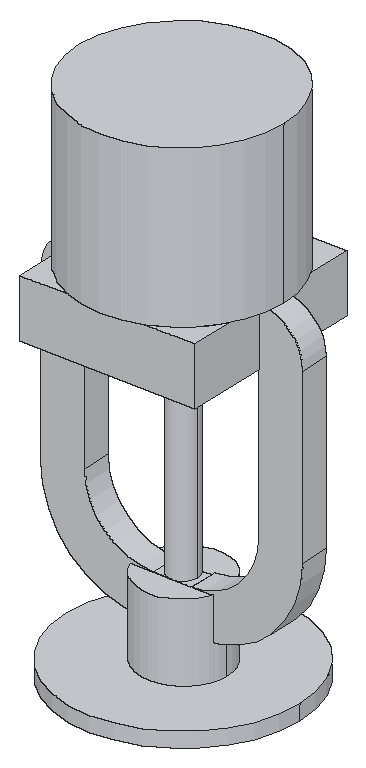
Revit family
Parameters (values of type "RASCO F1FR56-300 PENDENT")
  Temperature Rating = 200 °F
  Response = 1
  RASCO SIN # = "RA2614"
  RASCO Part # = "F1FR56P2W3"
  Pressure Rating = "300 PSI"
  Pressure Class = 1
  Orifice Size = 1/2"
  Orifice = (empty or 0)
  Model = "F1FR56-300"
  Manufacturer = "RASCO"
  K-Factor = 5.6
  Description = "White Finish"
  Coverage = (empty or 0)
Reference planes (in)
  plane 1 "Center (Front/Back)": y = 0
  plane 2: z = 0
  plane 3 "Center (Left/Right)": x = 0
Dimensions and locks (in)
  aligned and locked: plane 2 to level
Nested families (in)
  nested 1: "F1FR56P2W3" at (-0.0113, 0, 2.4375) x (-1, 0, 0) z (0, 0, -1), type "RASCO F1FR56-300 PENDENT"
Connectors (in)
  piping at (-0.0113, 0, 2.4375)
    settings: on nested 1, index 1, connector radius 115/256", flow factor 0, pipe flow 0 GPM, pressure drop 0.00 psi, fitting loss kfactor 0, connector angle 0.00°, fixture units 0, flow configuration 0, flow direction 0, fitting loss method 0, system type 7, connector reference index -1, connector utility 0, adjustable connector no, is connector primary yes, fitting loss table "", connector description ""
Definition of nested family "F1FR56P2W3"
  Parameters (values of type "RASCO F1FR56-300 PENDENT")
    Type Comments = ""
    Temperature Rating = 0 °F
    Response = (empty or 0)
    Pressure Rating = "0"
    Pressure Class = (empty or 0)
    Orifice Size = 0"
    Orifice = (empty or 0)
    Model = ""
    Manufacturer = ""
    K-Factor = 0
    Description = ""
    Coverage = (empty or 0)
    Assembly Code = ""
  Reference planes (in)
    plane 1 "Center (Front/Back)": y = 0
    plane 2: z = 0
    plane 3 "ref.2": z = 0.6875
    plane 4 "ref.3": z = 0.9375
    plane 5: x = -0.38065
    plane 6: x = 0.36935
    plane 7 "ref. side 1": y = 0.06402
    plane 8 "ref. side 2": y = -0.06098
    plane 9 "ref.4": z = 1.875
    plane 10 "ref.5": z = 2.3125
    plane 11 "ref.6": z = 2.4375
  Forms (in)
    Extrusion 1, solid
      sketch origin (0, 0, 0) x (1, 0, 0) y (0, 1, 0)
        loop
          circle (0, 0) r 0.4379
      from 0 to 0.6875
    Extrusion 2, solid
      sketch origin (-0.12185, 0.05177, 0.6875) x (1, 0, 0) y (0, 1, 0)
        loop
          line (-0.2588, 0.356) -> (-0.2588, -0.4565) -> (0.4912, -0.4565) -> (0.4912, 0.356) -> (-0.2588, 0.356)
      from 0 to 0.25
    Extrusion 3, solid
      sketch origin (0, 0, 0) x (1, 0, 0) y (0, 0, 1)
        loop
          line (-0.38065, 0.68754) -> (-0.38065, 1.58397)
          arc (-0.38065, 1.58397) -> (-0.29541, 1.78976) -> (-0.08962, 1.875) r 0.29103
          line (-0.08962, 1.875) -> (0.07524, 1.875)
          arc (0.07524, 1.875) -> (0.28321, 1.78886) -> (0.36935, 1.58089) r 0.29411
          line (0.36935, 1.58089) -> (0.36935, 0.68751)
          arc (0.36935, 0.68751) -> (0.50207, 0.74393) -> (0.55685, 0.87734) r 0.18984
          line (0.55685, 0.87734) -> (0.55685, 1.61676)
          arc (0.55685, 1.61676) -> (0.42629, 1.93194) -> (0.11111, 2.0625) r 0.44574
          line (0.11111, 2.0625) -> (-0.12259, 2.0625)
          arc (-0.12259, 2.0625) -> (-0.43765, 1.932) -> (-0.56815, 1.61694) r 0.44556
          line (-0.56815, 1.61694) -> (-0.56815, 0.87876)
          arc (-0.56815, 0.87876) -> (-0.51345, 0.74486) -> (-0.38065, 0.68754) r 0.19126
      from -0.06402 to 0.06098
    Extrusion 4, solid
      sketch origin (0, 0, 0.9375) x (-1, 0, 0) y (0, -1, 0)
        loop
          circle (0.00574, -0.00152) r 0.0625
      from 0 to 0.9375
    Extrusion 5, solid
      sketch origin (0, 0, 1.875) x (-1, 0, 0) y (0, -1, 0)
        loop
          circle (0.00574, -0.00152) r 0.1875
      from 0 to 0.4375
    Extrusion 6, solid
      sketch origin (0, 0, 2.3125) x (0, -1, 0) y (1, 0, 0)
        loop
          circle (-0.00152, -0.00574) r 0.5
      from -0.10531 to -0.03987
  Cuts and joins
    joined: Extrusion 1, Extrusion 2, Extrusion 4
  Lines and regions (in)
    model lines
      curve 1: line (-0.00574, 0.06402, 1.875) -> (-0.00574, -0.06098, 1.875)
